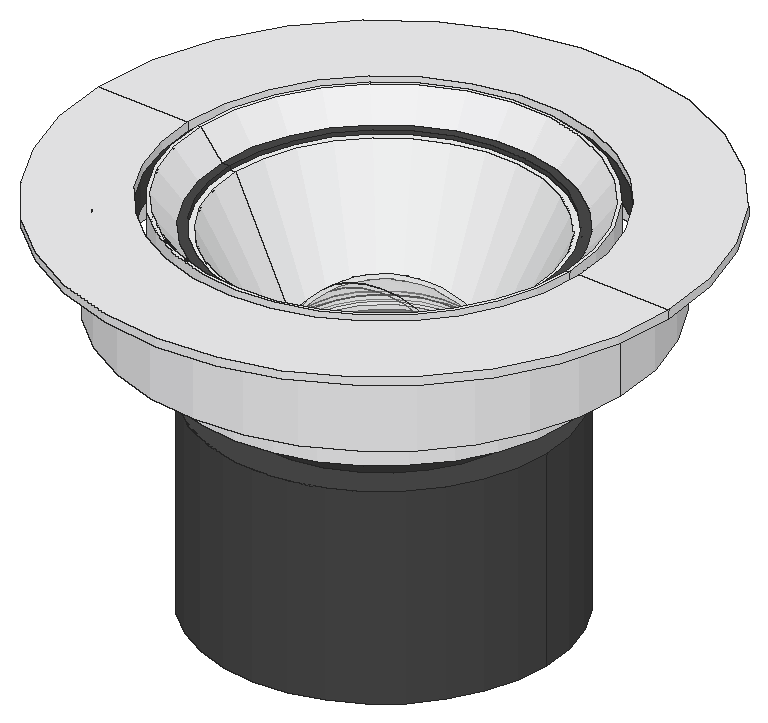
Revit family "2070036", category Lighting Fixtures, host Face, Revit 2018
Family settings
  Host = Face
  Round Connector Dimension = Use Diameter
  Part Type = Normal
  OmniClass Number = 23.80.70.11.17
  OmniClass Title = Specialized Lighting by Location or Use
  Cut with Voids When Loaded = No
  Light Source = No
  Shared = No
  Room Calculation Point = No
Parameters (values of type "2070036 EXPOSPOT 90 ADJ HE RA90 3000K MB WHITE")
  Weight = 0.77 kg  # constant formula
  Total Power Consumption = 27.9994 W
  Reflector Material = Aluminum_Sylvania_Expospot_Polished
  Radius = Diameter / 2  # 75.0 mm
  Product Code = "0060262"
  Photometric Web File = IES_Expospot_90_Adjustable : 0060268
  Photobiological Risk Group = "RG1"  # constant formula
  Nominal Frequency = "50/60Hz"  # constant formula
  Mounting Outer Radius = Head Radius + 3.0 mm  # 52.0 mm
  Max. Luminaires per 20A C Breaker = "45"  # constant formula
  Max. Luminaires per 20A B Breaker = "27"  # constant formula
  Max. Luminaires per 16A C Breaker = "35"  # constant formula
  Max. Luminaires per 16A B Breaker = "21"  # constant formula
  Max. Luminaires per 13A C Breaker = "28"  # constant formula
  Max. Luminaires per 13A B Breaker = "17"  # constant formula
  Max. Luminaires per 10A C Breaker = "21"  # constant formula
  Max. Luminaires per 10A B Breaker = "13"  # constant formula
  Light Loss Factor = 1  # constant formula
  Lamp Power Factor = 0.92
  LOR = "100%"  # constant formula
  Keynote = "n/a"
  Inrush Duration = "250µs"  # constant formula
  Inrush Current = 19.4 A  # constant formula
  Initial Intensity = 3126 lm
  Initial Color = 3000 K
  IP Rating = "IP20"  # constant formula
  IK Rating = "IK02"  # constant formula
  Height = 103.0 mm  # constant formula
  Voltage Comments = "220-240V~"  # constant formula
  Voltage = 240 V  # constant formula
  URL = "0.92"
  Product Page URL = "http://www.sylvania-lighting.com/product/en-int/products/0060262"
  Product Family = "EXPOSPOT 90 ADJUSTABLE"  # constant formula
  Head Radius = Radius - 26.0 mm  # 49.0 mm
  Head Diameter = Head Radius * 2  # 98.0 mm
  Head Angle [instance] = 0°
  Glow Wire Test = 850 °C  # constant formula
  Electrical Protection = "Class II"  # constant formula
  Drive Current = "700mA"  # constant formula
  Dimmable = "N"  # constant formula
  Diffuser Material = Acrylic_Sylvania_Expospot_3000K
  Diameter = 150.0 mm  # constant formula
  Cutout Diameter = Diameter - 10.0 mm  # 140.0 mm
  Created by URL = "http://all1studio.com/"
  Created by = "All 1 Studio Ltd. "  # constant formula
  Control Gear Type = "Electronic"  # constant formula
  Control Gear Required = "No"  # constant formula
  Control Gear Mounting = "Remote"  # constant formula
  Colour Variation Initial = "3SDCM"  # constant formula
  built-in parameter 1114216 [instance] = 1 (stored number, unit not read)
  Model = "EXPOSPOT 90 ADJUSTABLE HE RA90 3000K MB WHITE"
  Manufacturer = "Feilo Sylvania"  # constant formula
  Lamp = "LED"  # constant formula
  CRI = "80Ra"
  Body Material = Aluminum_Sylvania_Expospot_White
  Description = "Specifically designed for Retail and Display applications. I.e. Supermarkets Fashion Retail Department stores. Build around a 90mm reflector and lens combination."  # constant formula
  Default Elevation = 0.0 mm
  built-in parameter 1140040 [instance] = 1
  Beam Angle = 47°
  Average Life = "50 000h"  # constant formula
  Assembly Code = "D5020200"
  Apparent Load Comments = ""
  Apparent Load = 28 VA
  Body Secondary Material = Plastic_Sylvania_Expospot_Black
Reference planes
  plane 1 "Center (Front/Back)": y = 0
  plane 2: z = 0
  plane 3 "Center (Left/Right)": x = -7.423
  plane 4: z = 2
  plane 5: z = -22.5
  plane 6: x = -82.423
  plane 7: z = -5
Forms (mm)
  Revolve 1, solid, material "Aluminum_Sylvania_Expospot_White" <- "Body Material", detail levels fine
    sketch origin (0, 0, 0) x (1, 0, 0) y (0, 0, 1)
      loop
        line (-82.423, 2) -> (-82.423, 0) -> (-69.923, 0) -> (-69.923, -22.5) -> (-67.923, -22.5) -> (-67.923, 0) -> (-58.923, 0) -> (-58.923, 2) -> (-82.423, 2)
      axis (-7.423, 2) -> (-7.423, -22.5)
    angle from 0 to 360
  Revolve 2, solid, material "Plastic_Sylvania_Expospot_Black" <- "Body Secondary Material", detail levels fine
    sketch origin (0, 0, 0) x (1, 0, 0) y (0, 0, 1)
      loop
        line (-67.923, 0) -> (-67.923, -1.5) -> (-60.923, -1.5) -> (-60.923, -8.5) -> (-59.423, -8.5) -> (-59.423, 0) -> (-67.923, 0)
      axis (-7.423, 0) -> (-7.423, -8.5)
    angle from 0 to 360
  Extrusion 3, void
    sketch origin (0, 0, 0) x (1, 0, 0) y (0, 1, 0)
      loop
        circle (-7.423, 0) r 70
    from -116.997 to 69.443
  Extrusion 4, solid, material "Aluminum_Sylvania_Expospot_White" <- "Body Material", detail levels fine
    sketch origin (-7.423, 0, 0) x (0, 1, 0) y (0, 0, 1)
      loop
        circle (0, -5) r 3.5
    from 49 <- "Head Radius" to 52 <- "Mounting Outer Radius"
  Extrusion 5, solid, material "Aluminum_Sylvania_Expospot_White" <- "Body Material", detail levels fine
    sketch origin (-7.423, 0, 0) x (0, 1, 0) y (0, 0, -1)
      loop
        circle (0, 5) r 3.5
    from 49 <- "Head Radius" to 52 <- "Mounting Outer Radius"
  Revolve 6, solid, material "Aluminum_Sylvania_Expospot_White" <- "Body Material", detail levels coarse+medium
    sketch origin (0, 0, 0) x (1, 0, 0) y (0, 0, 1)
      loop
        line (-82.423, 2) -> (-82.423, 0) -> (-69.923, 0) -> (-69.923, -22.5) -> (-67.923, -22.5) -> (-67.923, -8.5) -> (-58.923, -8.5) -> (-58.923, 2) -> (-82.423, 2)
      axis (-7.423, 2) -> (-7.423, -22.5)
    angle from 0 to 360
Lines and regions (mm)
  Masking region 1
    outline origin (0, 0, 0) x (1, 0, 0) y (0, 1, 0)
      loop
        circle (-7.423, 0) r 75
  reference lines
    curve 1: line (-7.423, 0, -5) -> (-7.423, 0, -60)
  symbolic lines, detail levels fine
    curve 2: arc (-58.923, 0, 0) -> (-7.423, 51.5, 0) -> (44.077, 0, 0) r 51.5
    curve 3: arc (44.077, 0, 0) -> (-7.423, -51.5, 0) -> (-58.923, 0, 0) r 51.5
Dimensions and locks
  plane 4 to plane 2 to plane 7 to plane 5 = 2.0 mm locked, 5.0 mm locked, 17.5 mm locked
  "Radius": plane 6 to plane 3 "Center (Left/Right)"
  "Cutout Diameter": diameter of Extrusion 3 sketch curve
  "Head Angle": angle plane 1 "Center (Front/Back)" to curve 1
  aligned and locked: host face to plane 2
  aligned and locked: host face to level
  aligned and locked: plane 6 to Revolve 1 sketch curve
  aligned and locked: Revolve 1 sketch curve to plane 3 "Center (Left/Right)"
  aligned and locked: plane 1 "Center (Front/Back)" to curve 1
  aligned and locked: plane 7 to curve 1
  aligned and locked: plane 6 to Revolve 6 sketch curve
Automatic sketch dimensions
  host sketch curve to host sketch curve = 1412.252 mm
  host sketch curve to host sketch curve = 1359.6 mm
  Revolve 1 sketch curve to level = 0.0 mm  (x2)
  Revolve 1 sketch curve to plane 5 = 0.0 mm
  Revolve 1 sketch curve to plane 4 = 0.0 mm
  Revolve 1 sketch curve to Revolve 1 sketch curve = 12.5 mm
  Revolve 1 sketch curve to Revolve 1 sketch curve = 2.0 mm
  Revolve 1 sketch curve to Revolve 1 sketch curve = 9.0 mm
  Revolve 1 sketch curve to plane 5 = 349.774 mm
  plane 4 to Revolve 1 sketch curve = 1145.706 mm
  Revolve 2 sketch curve to level = 0.0 mm
  Revolve 2 sketch curve to plane 3 "Center (Left/Right)" = 0.0 mm
  Revolve 2 sketch curve to plane 6 = 23.0 mm
  Revolve 2 sketch curve to Revolve 2 sketch curve = 1.5 mm
  Revolve 2 sketch curve to level = 1.5 mm
  Revolve 2 sketch curve to Revolve 2 sketch curve = 7.0 mm
  Revolve 2 sketch curve to plane 7 = 3.5 mm
  Revolve 2 sketch curve to plane 5 = 349.774 mm
  plane 4 to Revolve 2 sketch curve = 1145.706 mm
  plane 1 "Center (Front/Back)" to Extrusion 3 sketch curve = 0.0 mm
  Extrusion 3 sketch curve to plane 3 "Center (Left/Right)" = 0.0 mm
  Extrusion 4 sketch curve to plane 1 "Center (Front/Back)" = 0.0 mm
  Extrusion 4 sketch curve to plane 7 = 0.0 mm
  Extrusion 5 sketch curve to plane 1 "Center (Front/Back)" = 0.0 mm
  Extrusion 5 sketch curve to plane 7 = 0.0 mm
  Revolve 6 sketch curve to level = 0.0 mm
  Revolve 6 sketch curve to plane 5 = 0.0 mm
  Revolve 6 sketch curve to plane 4 = 0.0 mm
  Revolve 6 sketch curve to plane 3 "Center (Left/Right)" = 0.0 mm
  Revolve 6 sketch curve to plane 6 = 12.5 mm
  Revolve 6 sketch curve to plane 7 = 3.5 mm
  Revolve 6 sketch curve to Revolve 6 sketch curve = 9.0 mm
  Revolve 6 sketch curve to plane 5 = 349.774 mm
  plane 4 to Revolve 6 sketch curve = 1145.706 mm
  Revolve 6 sketch curve to Revolve 6 sketch curve = 2.0 mm
  Masking region 1 sketch curve to Masking region 1 sketch curve = 0.0 mm  (x2)
  plane 1 "Center (Front/Back)" to Masking region 1 sketch curve = 0.0 mm
  Masking region 1 sketch curve to plane 6 = 0.0 mm
  Masking region 1 sketch curve to plane 3 "Center (Left/Right)" = 0.0 mm
  curve 2 to curve 3 = 0.0 mm  (x2)
  plane 1 "Center (Front/Back)" to curve 2 = 0.0 mm
  curve 3 to plane 3 "Center (Left/Right)" = 0.0 mm
  curve 3 to plane 6 = 23.5 mm
  radius of Extrusion 4 sketch curve = 3.5 mm
  radius of Extrusion 5 sketch curve = 3.5 mm
Nested families
  nested 1: "Head_Expospot 90" at (-7.423, 0, 2), type "Head_Expospot 90"
  nested 2: "IES_Expospot_90_Adjustable" at (-7.423, 0, 2), type <- "Photometric Web File", type "0060268"
Connectors
  electrical at (-7.423, 0, -101), driven by "Voltage", driven by "Apparent Load", driven by "Lamp Power Factor"
    settings: on nested 1, index 1, voltage 240 V, apparent load 0 VA, apparent load phase1 28 VA, apparent load phase2 0 VA, apparent load phase3 0 VA, power factor 0.92, load classification "Lighting", number of poles 1, system type 31, power factor state 1, is connector primary yes, connector utility no, sub classification motor no, connector description ""
Definition of nested family "Head_Expospot 90"
  Parameters (values of type "Head_Expospot 90")
    Reflector Material = none
    Radius = 49.0 mm
    Height = 103.0 mm
    Diffuser Material = none
    Default Elevation = 0.0 mm
    Cooling Radius = Radius - 6.0 mm  # 43.0 mm
    Body Secondary Material = none
    Body Material = none
  Reference planes
    plane 1 "Center (Front/Back)": y = 0
    plane 2: z = 0
    plane 3 "Center (Left/Right)": x = 0
    plane 4: z = -35.5
    plane 5: z = -6.5
    plane 6 "Fixture Radius": x = -49
    plane 7: z = -45
    plane 8: z = -95
    plane 9: z = -103
    plane 10 "Diffuser Radius": x = -24.5
    plane 11: z = -36.5
  Forms (mm)
    Revolve 1, solid, material <- "Body Material", detail levels fine
      sketch origin (0, 0, 0) x (1, 0, 0) y (0, 0, 1)
        loop
          line (-49, 0) -> (-49, -35.5) -> (-47, -35.5) -> (-47, -4.542) -> (-45.357, -6.5) -> (-42.746, -6.5) -> (-48.2, 0) -> (-49, 0)
        axis (0, 0) -> (0, -35.5)
      angle from 0 to 360
    Revolve 2, solid, material <- "Reflector Material", detail levels fine
      sketch origin (0, 0, 0) x (1, 0, 0) y (0, 0, 1)
        loop
          line (-41, -7.5) -> (-41, -8.5) -> (-39.623, -8.5) -> (-25.123, -37.5) -> (-20.5, -37.5) -> (-20.5, -36.5) -> (-24.5, -36.5) -> (-39, -7.5) -> (-41, -7.5)
        axis (0, -7.5) -> (0, -37.5)
      angle from 0 to 360
    Revolve 3, solid, material <- "Body Secondary Material", detail levels fine
      sketch origin (0, 0, 0) x (1, 0, 0) y (0, 0, 1)
        loop
          line (-47, -6.5) -> (-47, -35.5) -> (-42.5, -35.5) -> (-35.078, -45) -> (0, -45) -> (0, -37.5) -> (-24.5, -37.5) -> (-24.5, -44) -> (-34.59, -44) -> (-42.012, -34.5) -> (-46, -34.5) -> (-46, -7.5) -> (-40.5, -7.5) -> (-40.5, -6.5) -> (-47, -6.5)
        axis (0, -6.5) -> (0, -45)
      angle from 0 to 360
    Revolve 4, solid, material <- "Body Secondary Material", detail levels fine
      sketch origin (0, 0, 0) x (1, 0, 0) y (0, 0, 1)
        loop
          line (-30, -95) -> (-30, -97) -> (-28, -103) -> (0, -103) -> (0, -95) -> (-30, -95)
        axis (0, -95) -> (0, -103)
      angle from 0 to 360
    Extrusion 5, solid, material <- "Body Secondary Material", detail levels fine
      sketch origin (0, 0, 0) x (1, 0, 0) y (0, 1, 0)
        loop
          circle (0, 0) r 43
      from -95 to -45
    Extrusion 6, solid, material <- "Body Material", detail levels coarse+medium
      sketch origin (0, 0, 0) x (1, 0, 0) y (0, 1, 0)
        loop
          circle (0, 0) r 49
      from -103 to 0
    Revolve 7, solid, material <- "Diffuser Material", detail levels fine
      sketch origin (0, 0, 0) x (1, 0, 0) y (0, 0, 1)
        loop
          line (-22.5, -34.5) -> (-22.5, -36.5) -> (-21.5, -36.5) -> (-21.5, -34.77)
          arc (-21.5, -34.77) -> (-12.378, -25.783) -> (0, -22.5) r 24.971
          line (0, -22.5) -> (0, -21.5)
          arc (0, -21.5) -> (-12.993, -24.984) -> (-22.5, -34.5) r 25.971
        axis (0, -21.5) -> (0, -36.5)
      angle from 0 to 360
  Dimensions and locks
    "Radius": plane 3 "Center (Left/Right)" to plane 6 "Fixture Radius"
    locked: Revolve 4 sketch curve to plane 6 "Fixture Radius" at 19
    locked: plane 10 "Diffuser Radius" to plane 6 "Fixture Radius" at 24.5
    Revolve 7 sketch curve to Revolve 7 sketch curve to plane 11 = 1.0 mm locked, 14.0 mm locked
    plane 10 "Diffuser Radius" to Revolve 7 sketch curve to Revolve 7 sketch curve = 2.0 mm locked, 1.0 mm locked
    "Height": plane 2 to plane 9
    locked: plane 8 to plane 9 at 8
    plane 2 to plane 5 to plane 4 to plane 11 to plane 7 = 6.5 mm locked, 29.0 mm locked, 1.0 mm locked, 8.5 mm locked
    "Radius": radius of Extrusion 6 sketch curve
    "Cooling Radius": radius of Extrusion 5 sketch curve
    aligned and locked: level to plane 2
    aligned and locked: Revolve 1 sketch curve to plane 6 "Fixture Radius"
    aligned and locked: Extrusion 5 to plane 8
    aligned and locked: plane 7 to Extrusion 5
    aligned and locked: Extrusion 6 to plane 9
    aligned and locked: plane 2 to Extrusion 6
    aligned and locked: Revolve 1 sketch curve to plane 4
  Automatic sketch dimensions
    Revolve 4 sketch curve to plane 8 = 0.0 mm
    Revolve 4 sketch curve to plane 9 = 0.0 mm
    Revolve 4 sketch curve to plane 3 "Center (Left/Right)" = 0.0 mm  (x2)
    Revolve 4 sketch curve to plane 8 = 2.0 mm
    Revolve 4 sketch curve to Revolve 4 sketch curve = 2.0 mm
    Revolve 4 sketch curve to plane 9 = 265.545 mm
    level to Revolve 4 sketch curve = 2214.315 mm
    Revolve 1 sketch curve to level = 0.0 mm
    Revolve 1 sketch curve to plane 3 "Center (Left/Right)" = 0.0 mm
    Revolve 1 sketch curve to Revolve 1 sketch curve = 0.8 mm
    Revolve 1 sketch curve to Revolve 1 sketch curve = 2.0 mm
    plane 5 to Revolve 1 sketch curve = 1.958 mm
    Revolve 1 sketch curve to plane 5 = 0.0 mm
    Revolve 1 sketch curve to Revolve 1 sketch curve = 1.643 mm
    Revolve 1 sketch curve to Revolve 1 sketch curve = 2.611 mm
    Revolve 1 sketch curve to plane 9 = 288.545 mm
    level to Revolve 1 sketch curve = 2214.315 mm
    plane 10 "Diffuser Radius" to Revolve 2 sketch curve = 0.0 mm
    Revolve 2 sketch curve to plane 3 "Center (Left/Right)" = 0.0 mm
    Revolve 2 sketch curve to plane 11 = 0.0 mm
    Revolve 2 sketch curve to plane 5 = 1.0 mm
    plane 6 "Fixture Radius" to Revolve 2 sketch curve = 10.0 mm
    Revolve 2 sketch curve to Revolve 2 sketch curve = 2.0 mm
    Revolve 2 sketch curve to plane 10 "Diffuser Radius" = 4.0 mm
    Revolve 2 sketch curve to Revolve 2 sketch curve = 383.045 mm
    Revolve 2 sketch curve to Revolve 2 sketch curve = 2221.815 mm
    plane 10 "Diffuser Radius" to Revolve 2 sketch curve = 0.623 mm
    Revolve 2 sketch curve to Revolve 2 sketch curve = 0.623 mm
    Revolve 2 sketch curve to Revolve 2 sketch curve = 1.0 mm
    Revolve 2 sketch curve to plane 11 = 1.0 mm
    Revolve 3 sketch curve to plane 5 = 0.0 mm
    Revolve 3 sketch curve to plane 4 = 0.0 mm
    Revolve 3 sketch curve to plane 7 = 0.0 mm
    plane 10 "Diffuser Radius" to Revolve 3 sketch curve = 0.0 mm
    Revolve 3 sketch curve to plane 3 "Center (Left/Right)" = 0.0 mm  (x2)
    plane 7 to Revolve 3 sketch curve = 1.0 mm
    plane 10 "Diffuser Radius" to Revolve 3 sketch curve = 10.09 mm
    Revolve 3 sketch curve to Revolve 3 sketch curve = 0.488 mm  (x2)
    Revolve 3 sketch curve to plane 5 = 1.0 mm
    plane 6 "Fixture Radius" to Revolve 3 sketch curve = 8.5 mm
    plane 4 to Revolve 3 sketch curve = 1.0 mm
    plane 6 "Fixture Radius" to Revolve 3 sketch curve = 6.988 mm
    plane 6 "Fixture Radius" to Revolve 3 sketch curve = 3.0 mm
    Revolve 3 sketch curve to Revolve 3 sketch curve = 1.0 mm
    Revolve 3 sketch curve to plane 9 = 265.545 mm
    level to Revolve 3 sketch curve = 2214.315 mm
    Revolve 3 sketch curve to plane 11 = 1.0 mm
    Revolve 7 sketch curve to Revolve 7 sketch curve = 0.0 mm
    Revolve 7 sketch curve to plane 11 = 0.0 mm
    Revolve 7 sketch curve to plane 3 "Center (Left/Right)" = 0.0 mm  (x2)
    plane 4 to Revolve 7 sketch curve = 0.73 mm
    Revolve 7 sketch curve to plane 9 = 278.0 mm
    level to Revolve 7 sketch curve = 156.383 mm
    plane 1 "Center (Front/Back)" to Extrusion 5 sketch curve = 0.0 mm
    Extrusion 5 sketch curve to plane 3 "Center (Left/Right)" = 0.0 mm
    plane 1 "Center (Front/Back)" to Extrusion 6 sketch curve = 0.0 mm
    Extrusion 6 sketch curve to plane 3 "Center (Left/Right)" = 0.0 mm
Definition of nested family "IES_Expospot_90_Adjustable"
  Parameters (values of type "0060286")
    Wattage = 34.9993 W
    built-in parameter 1150110 = 1 (stored number, unit not read)
    Total Power Consumption = 34.9993 W
    built-in parameter 1114217 = 1 (stored number, unit not read)
    Tilt Angle = -90°
    built-in parameter 1150109 = 1 (stored number, unit not read)
    built-in parameter 1150134 = (empty or 0)
    built-in parameter 1150113 = 1 (stored number, unit not read)
    Photometric Web File = "0060286.ies"
    built-in parameter 1150105 = 296.11 (stored number, unit not read)
    Lumens = 3721 lm
    built-in parameter 1150115 = 1 (stored number, unit not read)
    built-in parameter 1150137 = (empty or 0)
    built-in parameter 1150139 = (empty or 0)
    built-in parameter 1150112 = 1 (stored number, unit not read)
    built-in parameter 1150114 = 1 (stored number, unit not read)
    built-in parameter 1150132 = 2
    built-in parameter 1150102 = 3721
    built-in parameter 1150107 = 3000 (stored number, unit not read)
    built-in parameter 1150138 = 3000
    built-in parameter 1150106 = 2.9611 (stored number, unit not read)
    Emit from Circle Diameter = 98.0 mm
    Emit Shape Visible in Rendering = no
    built-in parameter 1150104 = 9.8771 (stored number, unit not read)
    Dimming Lamp Color Temperature Shift = (empty or 0)
    Default Elevation = 0.0 mm
    Color Filter = 16777215
    built-in parameter 1114218 = 1 (stored number, unit not read)
    built-in parameter 1150133 = 10 (stored number, unit not read)
    Apparent Load = 34.9993 VA
  Types (24, lengths in mm): name | Wattage | Total Power Consumption | built-in parameter 1150134 | Photometric Web File | built-in parameter 1150105 | Lumens | built-in parameter 1150102 | built-in parameter 1150107 | built-in parameter 1150138 | built-in parameter 1150106 | built-in parameter 1150104 | Apparent Load
    0060296 | 34.9993 W | 34.9993 W | 12 | "0060296.ies" | 276.85 (stored number, unit not read) | 3479 lm | 3479 | 4000 (stored number, unit not read) | 4000 | 2.7685 (stored number, unit not read) | 9.2348 (stored number, unit not read) | 34.9993 VA
    0060295 | 34.9993 W | 34.9993 W | 12 | "0060295.ies" | 275.18 (stored number, unit not read) | 3458 lm | 3458 | 4000 (stored number, unit not read) | 4000 | 2.7518 (stored number, unit not read) | 9.179 (stored number, unit not read) | 34.9993 VA
    0060294 | 34.9993 W | 34.9993 W | 12 | "0060294.ies" | 284.09 (stored number, unit not read) | 3570 lm | 3570 | 4000 (stored number, unit not read) | 4000 | 2.8409 (stored number, unit not read) | 9.4763 (stored number, unit not read) | 34.9993 VA
    0060293 | 34.9993 W | 34.9993 W | (empty or 0) | "0060293.ies" | 262.05 (stored number, unit not read) | 3293 lm | 3293 | 3000 (stored number, unit not read) | 3000 | 2.6205 (stored number, unit not read) | 8.741 (stored number, unit not read) | 34.9993 VA
    0060292 | 34.9993 W | 34.9993 W | (empty or 0) | "0060292.ies" | 253.06 (stored number, unit not read) | 3180 lm | 3180 | 3000 (stored number, unit not read) | 3000 | 2.5306 (stored number, unit not read) | 8.4411 (stored number, unit not read) | 34.9993 VA
    0060291 | 34.9993 W | 34.9993 W | (empty or 0) | "0060291.ies" | 268.1 (stored number, unit not read) | 3369 lm | 3369 | 3000 (stored number, unit not read) | 3000 | 2.681 (stored number, unit not read) | 8.9428 (stored number, unit not read) | 34.9993 VA
    0060290 | 34.9993 W | 34.9993 W | 12 | "0060290.ies" | 313.69 (stored number, unit not read) | 3942 lm | 3942 | 4000 (stored number, unit not read) | 4000 | 3.1369 (stored number, unit not read) | 10.464 (stored number, unit not read) | 34.9993 VA
    0060289 | 34.9993 W | 34.9993 W | 12 | "0060289.ies" | 306.53 (stored number, unit not read) | 3852 lm | 3852 | 4000 (stored number, unit not read) | 4000 | 3.0653 (stored number, unit not read) | 10.225 (stored number, unit not read) | 34.9993 VA
    0060288 | 34.9993 W | 34.9993 W | 12 | "0060288.ies" | 327.94 (stored number, unit not read) | 4121 lm | 4121 | 4000 (stored number, unit not read) | 4000 | 3.2794 (stored number, unit not read) | 10.939 (stored number, unit not read) | 34.9993 VA
    0060287 | 34.9993 W | 34.9993 W | (empty or 0) | "0060287.ies" | 297.3 (stored number, unit not read) | 3736 lm | 3736 | 3000 (stored number, unit not read) | 3000 | 2.973 (stored number, unit not read) | 9.9169 (stored number, unit not read) | 34.9993 VA
    0060286 | 34.9993 W | 34.9993 W | (empty or 0) | "0060286.ies" | 296.11 (stored number, unit not read) | 3721 lm | 3721 | 3000 (stored number, unit not read) | 3000 | 2.9611 (stored number, unit not read) | 9.8771 (stored number, unit not read) | 34.9993 VA
    0060272 | 27.9994 W | 27.9994 W | 12 | "0060272.ies" | 227.19 (stored number, unit not read) | 2855 lm | 2855 | 4000 (stored number, unit not read) | 4000 | 2.2719 (stored number, unit not read) | 9.473 (stored number, unit not read) | 27.9994 VA
    0060271 | 27.9994 W | 27.9994 W | 12 | "0060271.ies" | 225.68 (stored number, unit not read) | 2836 lm | 2836 | 4000 (stored number, unit not read) | 4000 | 2.2568 (stored number, unit not read) | 9.4099 (stored number, unit not read) | 27.9994 VA
    0060270 | 27.9994 W | 27.9994 W | 12 | "0060270.ies" | 221.94 (stored number, unit not read) | 2789 lm | 2789 | 4000 (stored number, unit not read) | 4000 | 2.2194 (stored number, unit not read) | 9.254 (stored number, unit not read) | 27.9994 VA
    0060269 | 27.9994 W | 27.9994 W | (empty or 0) | "0060269.ies" | 206.03 (stored number, unit not read) | 2589 lm | 2589 | 3000 (stored number, unit not read) | 3000 | 2.0603 (stored number, unit not read) | 8.5904 (stored number, unit not read) | 27.9994 VA
    0060268 | 27.9994 W | 27.9994 W | (empty or 0) | "0060268.ies" | 204.75 (stored number, unit not read) | 2573 lm | 2573 | 3000 (stored number, unit not read) | 3000 | 2.0475 (stored number, unit not read) | 8.5373 (stored number, unit not read) | 27.9994 VA
    0060267 | 27.9994 W | 27.9994 W | (empty or 0) | "0060267.ies" | 201.81 (stored number, unit not read) | 2536 lm | 2536 | 3000 (stored number, unit not read) | 3000 | 2.0181 (stored number, unit not read) | 8.4145 (stored number, unit not read) | 27.9994 VA
    0060266 | 27.9994 W | 27.9994 W | 12 | "0060266.ies" | 256.96 (stored number, unit not read) | 3229 lm | 3229 | 4000 (stored number, unit not read) | 4000 | 2.5696 (stored number, unit not read) | 10.714 (stored number, unit not read) | 27.9994 VA
    0060265 | 27.9994 W | 27.9994 W | 12 | "0060265.ies" | 257.19 (stored number, unit not read) | 3232 lm | 3232 | 4000 (stored number, unit not read) | 4000 | 2.5719 (stored number, unit not read) | 10.724 (stored number, unit not read) | 27.9994 VA
    0060264 | 27.9994 W | 27.9994 W | 12 | "0060264.ies" | 250.27 (stored number, unit not read) | 3145 lm | 3145 | 4000 (stored number, unit not read) | 4000 | 2.5027 (stored number, unit not read) | 10.435 (stored number, unit not read) | 27.9994 VA
    0060263 | 27.9994 W | 27.9994 W | (empty or 0) | "0060263.ies" | 252.58 (stored number, unit not read) | 3174 lm | 3174 | 3000 (stored number, unit not read) | 3000 | 2.5258 (stored number, unit not read) | 10.531 (stored number, unit not read) | 27.9994 VA
    0060262 | 27.9994 W | 27.9994 W | (empty or 0) | "0060262.ies" | 248.76 (stored number, unit not read) | 3126 lm | 3126 | 3000 (stored number, unit not read) | 3000 | 2.4876 (stored number, unit not read) | 10.372 (stored number, unit not read) | 27.9994 VA
    0060261 | 27.9993 W | 28 W | (empty or 0) | "0060261.ies" | 3140.4 (stored number, unit not read) | 3174 lm | 3479 | 3000 (stored number, unit not read) | 4000 | 31.404 (stored number, unit not read) | 10.531 (stored number, unit not read) | 28 VA
    0060285 | 35.0009 W | 34.9993 W | (empty or 0) | "0060285.ies" | 4452.3 (stored number, unit not read) | 3946 lm | 3721 | 3000 (stored number, unit not read) | 3000 | 44.523 (stored number, unit not read) | 10.474 (stored number, unit not read) | 34.9993 VA
  Reference planes
    plane 1 "Center (Front/Back)": y = 0
    plane 2: z = 0
    plane 3 "Center (Left/Right)": x = 0
  Dimensions and locks
    aligned and locked: level to plane 2
    aligned and locked: plane 3 "Center (Left/Right)" to imposter light
    aligned and locked: plane 1 "Center (Front/Back)" to imposter light
    aligned and locked: level to imposter light
